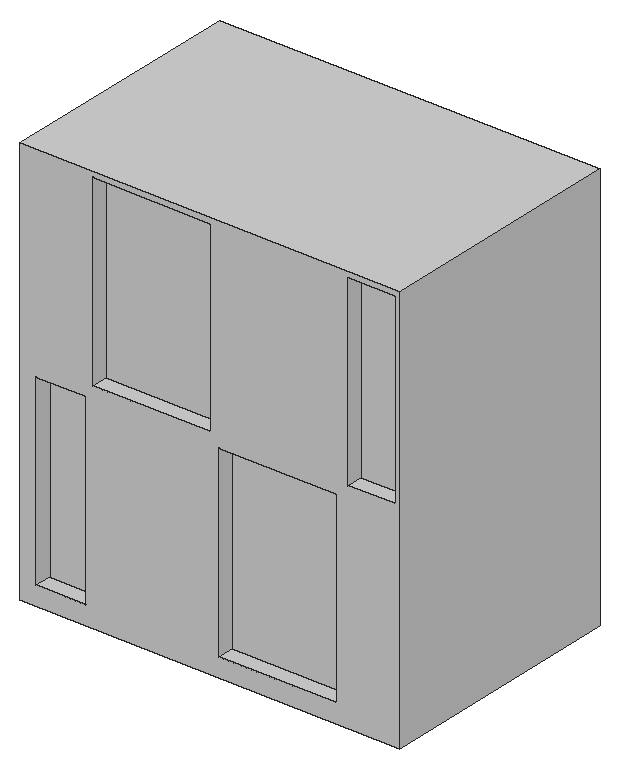
Revit family "SA 4H3W", category Mechanical Equipment, Revit 2019
Family settings
  Round Connector Dimension = Use Diameter
  Part Type = Normal
  OmniClass Number = 23.75.00.00
  OmniClass Title = Climate Control (HVAC)
  Work Plane-Based = No
  Always vertical = Yes
  Cut with Voids When Loaded = No
  Shared = No
  Room Calculation Point = No
Parameters (values of type "4H3W SA")
  Width = 5' - 4 1/2"
  Weight (lbs.) = "1582"
  URL = "www.renewaire.com"
  Model = "4H3W SA"
  Manufacturer = "Renewaire LLC"
  Length = 8' - 1 3/4"
  Housing = Metal - RenewAire - Anodized - Gray Text
  Height = 7' - 1 1/2"
  Description = "Energy Recovery Ventilator"
  Cores (L125-G5) = "12"
  Airflow Range (CFM) = "3,000-13,200"
Reference planes (in)
  plane 1 "Center (Front/Back)": y = 0
  plane 2: z = 0
  plane 3 "Center (Left/Right)": x = 0
Forms (in)
  Extrusion 1, solid, material "Metal - RenewAire - Anodized - Gray Text" <- "Housing"
    sketch origin (0, -16.07731, 0) x (0, 1, 0) y (0, 0, 1)
      loop
        line (32.26413, 125.25) -> (-32.26413, 125.25) -> (-32.26413, 19.875) -> (32.26413, 19.875) -> (32.26413, 125.25)
    from 0 to 97.75
  Extrusion 2, void
    sketch origin (1.82803, -14.11828, 19.48574) x (1, 0, 0) y (0, 0, 1)
      loop
        line (2.375, 53.375) -> (2.375, 5.25) -> (15.17072, 5.25) -> (15.17072, 53.375) -> (2.375, 53.375)
      loop
        line (49.50854, 53.375) -> (49.50854, 5.25) -> (79.83716, 5.25) -> (79.83716, 53.375) -> (49.50854, 53.375)
      loop
        line (47.32983, 104.5) -> (17.00122, 104.5) -> (17.00122, 56.375) -> (47.32983, 56.375) -> (47.32983, 104.5)
      loop
        line (82.52479, 104.5) -> (82.52479, 56.375) -> (94.89979, 56.375) -> (94.89979, 104.5) -> (82.52479, 104.5)
    from 30 to 38.22316
  Extrusion 3, void
    sketch origin (1.03232, 49.88172, -1.14653) x (1, 0, 0) y (0, 0, 1)
      loop
        line (3.17072, 74.00727) -> (3.17072, 25.88013) -> (15.96643, 25.88013) -> (15.96643, 74.00727) -> (3.17072, 74.00727)
      loop
        line (50.30426, 74.00727) -> (50.30426, 25.88013) -> (80.63287, 25.88013) -> (80.63287, 74.00727) -> (50.30426, 74.00727)
      loop
        line (48.12555, 125.13227) -> (17.79694, 125.13227) -> (17.79694, 77.00727) -> (48.12555, 77.00727) -> (48.12555, 125.13227)
      loop
        line (83.32051, 125.13227) -> (83.32051, 77.00727) -> (95.69551, 77.00727) -> (95.69551, 125.13227) -> (83.32051, 125.13227)
    from 30 to 38.22316
Cuts and joins
  Extrusion 2, Extrusion 3 cuts Extrusion 1
Dimensions and locks (in)
  aligned and locked: level to plane 2
